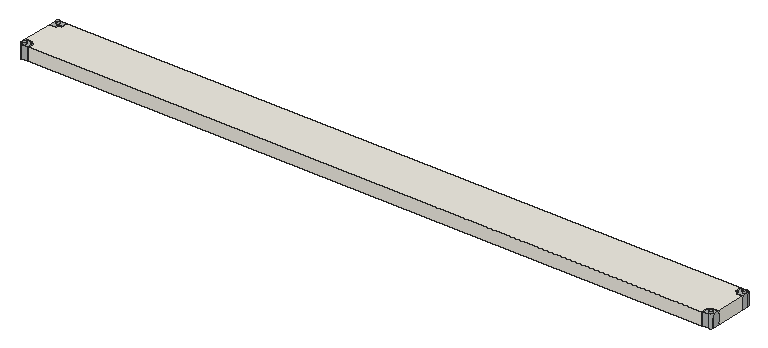
Revit family "HIGHTECH", category Осветительные приборы, Revit 2019 (continued)
Types (32, lengths in mm): name | Файл фотометрической сетки | built-in parameter 1150105 | Lumens | built-in parameter 1150106 | built-in parameter 1150142 | Wattage | Emit from Rectangle Width | Emit from Rectangle Length | Длина | Ширина | ADSK_Ток | ADSK_Полная мощность | ADSK_Обозначение | ADSK_Номинальная мощность | ADSK_Наименование | ADSK_Масса | ADSK_Код изделия
    098 0.098 0.098 0.098 0.098 0.098 0.098 0.000 0.000 0.000 0.000 \r\n1417.637 1417.044 1413.295 1407.474 1398.890 1388.135 1374.815 1358.437 1340.184 1319.661 1296.869 1271.808 1244.971 1216.258 1185.673 1153.507 1120.158 1085.131 \r\n1048.823 1011.329 973.046 933.284 893.127 851.884 810.741 768.314 725.888 683.165 639.752 596.240 552.728 509.019 465.902 422.686 379.371 337.044 295.505 254.757 215.388 176.909 \r\n138.232 103.698 70.942 40.157 12.136 0.592 0.592 0.592 0.493 0.493 0.493 0.493 0.493 0.493 0.493 0.395 0.395 0.395 0.395 0.395 0.395 0.395 0.395 0.296 0.296 0.296 0.296 0.296 0.296 0.296 0.296 0.197 \r\n0.197 0.197 0.197 0.197 0.197 0.197 0.197 0.098 0.098 0.098 0.098 0.098 0.098 0.098 0.098 0.000 0.000 0.000 0.000 \r\n1417.637 1416.946 1413.197 1407.376 1398.693 1387.839 1374.520 1358.042 1339.789 1319.168 1296.376 1271.315 1244.477 1215.765 1185.179 1152.915 1119.566 1084.539 \r\n1048.230 1010.638 972.356 932.594 892.436 851.194 810.050 767.623 725.197 682.474 639.160 595.649 552.038 508.427 465.310 422.094 378.878 336.550 295.111 254.362 214.895 176.514 \r\n137.935 103.403 70.744 39.960 11.939 0.592 0.592 0.592 0.493 0.493 0.493 0.493 0.493 0.493 0.493 0.395 0.395 0.395 0.395 0.395 0.395 0.395 0.395 0.296 0.296 0.296 0.296 0.296 0.296 0.296 0.296 0.197 \r\n0.197 0.197 0.197 0.197 0.197 0.197 0.197 0.098 0.098 0.098 0.098 0.098 0.098 0.098 0.098 0.000 0.000 0.000 0.000 \r\n1417.637 1416.946 1413.098 1407.178 1398.495 1387.544 1374.223 1357.747 1339.395 1318.773 1295.882 1270.822 1243.886 1215.174 1184.587 1152.323 1118.974 1083.848 \r\n1047.540 1009.947 971.665 931.903 891.746 850.503 809.359 766.933 724.507 681.784 638.470 594.958 551.445 507.836 464.718 421.502 378.287 336.057 294.617 253.967 214.500 176.119 \r\n137.640 103.106 70.447 39.762 11.741 0.592 0.592 0.592 0.493 0.493 0.493 0.493 0.493 0.493 0.493 0.395 0.395 0.395 0.395 0.395 0.395 0.395 0.395 0.296 0.296 0.296 0.296 0.296 0.296 0.296 0.296 0.197 \r\n0.197 0.197 0.197 0.197 0.197 0.197 0.197 0.098 0.098 0.098 0.098 0.098 0.098 0.098 0.098 0.000 0.000 0.000 0.000 \r\n1417.637 1416.848 1412.999 1407.079 1398.298 1387.247 1373.829 1357.352 1339.000 1318.378 1295.488 1270.327 1243.392 1214.680 1183.995 1151.731 1118.283 1083.257 \r\n1046.849 1009.257 970.975 931.113 891.055 849.813 808.668 766.242 723.914 681.093 637.779 594.266 550.755 507.145 464.126 421.009 377.793 335.564 294.222 253.474 214.105 175.823 \r\n137.343 102.810 70.250 39.467 11.445 0.592 0.592 0.592 0.493 0.493 0.493 0.493 0.493 0.493 0.493 0.395 0.395 0.395 0.395 0.395 0.395 0.395 0.395 0.296 0.296 0.296 0.296 0.296 0.296 0.296 0.296 0.197 \r\n0.197 0.197 0.197 0.197 0.197 0.197 0.197 0.098 0.098 0.098 0.098 0.098 0.098 0.098 0.098 0.000 0.000 0.000 0.000 \r\n1417.637 1416.848 1412.901 1406.882 1398.002 1387.051 1373.533 1356.957 1338.605 1317.983 1294.994 1269.834 1242.899 1214.089 1183.403 1151.041 1117.692 1082.665 \r\n1046.257 1008.566 970.284 930.423 890.266 849.121 807.978 765.552 723.224 680.403 637.187 593.675 550.163 506.553 463.534 420.416 377.300 335.071 293.729 253.079 213.712 175.429 \r\n136.949 102.515 69.954 39.269 11.248 0.592 0.592 0.592 0.493 0.493 0.493 0.493 0.493 0.493 0.493 0.395 0.395 0.395 0.395 0.395 0.395 0.395 0.395 0.296 0.296 0.296 0.296 0.296 0.296 0.296 0.296 0.197 \r\n0.197 0.197 0.197 0.197 0.197 0.197 0.197 0.098 0.098 0.098 0.098 0.098 0.098 0.098 0.098 0.000 0.000 0.000 0.000 \r\n1417.637 1416.749 1412.802 1406.684 1397.805 1386.754 1373.237 1356.661 1338.210 1317.589 1294.599 1269.341 1242.406 1213.496 1182.811 1150.448 1117.099 1081.974 \r\n1045.566 1007.974 969.593 929.732 889.575 848.333 807.287 764.861 722.533 679.712 636.496 592.985 549.472 505.960 462.942 419.825 376.707 334.577 293.236 252.684 213.317 175.034 \r\n136.652 102.218 69.659 39.072 11.051 0.592 0.592 0.592 0.493 0.493 0.493 0.493 0.493 0.493 0.493 0.395 0.395 0.395 0.395 0.395 0.395 0.395 0.395 0.296 0.296 0.296 0.296 0.296 0.296 0.296 0.296 0.197 \r\n0.197 0.197 0.197 0.197 0.197 0.197 0.197 0.098 0.098 0.098 0.098 0.098 0.098 0.098 0.098 0.000 0.000 0.000 0.000 \r\n1417.637 1416.749 1412.704 1406.586 1397.607 1386.458 1372.941 1356.266 1337.815 1317.095 1294.106 1268.848 1241.813 1213.003 1182.219 1149.856 1116.409 1081.382 \r\n1044.876 1007.283 968.902 929.042 888.885 847.642 806.597 764.170 721.843 679.120 635.806 592.293 548.881 505.368 462.351 419.332 376.214 334.084 292.841 252.191 212.922 174.738 \r\n136.357 101.922 69.461 38.776 10.853 0.592 0.592 0.592 0.493 0.493 0.493 0.493 0.493 0.493 0.493 0.395 0.395 0.395 0.395 0.395 0.395 0.395 0.395 0.296 0.296 0.296 0.296 0.296 0.296 0.296 0.296 0.197 \r\n0.197 0.197 0.197 0.197 0.197 0.197 0.197 0.098 0.098 0.098 0.098 0.098 0.098 0.098 0.098 0.000 0.000 0.000 0.000 \r\n1417.637 1416.650 1412.604 1406.389 1397.311 1386.162 1372.546 1355.871 1337.421 1316.701 1293.613 1268.355 1241.320 1212.411 1181.627 1149.265 1115.816 1080.691 \r\n1044.284 1006.593 968.212 928.351 888.194 846.951 805.906 763.479 721.151 678.429 635.213 591.702 548.190 504.777 461.758 418.740 375.721 333.591 292.348 251.796 212.527 174.343 \r\n135.962 101.627 69.165 38.579 10.557 0.592 0.592 0.592 0.493 0.493 0.493 0.493 0.493 0.493 0.493 0.395 0.395 0.395 0.395 0.395 0.395 0.395 0.395 0.296 0.296 0.296 0.296 0.296 0.296 0.296 0.296 0.197 \r\n0.197 0.197 0.197 0.197 0.197 0.197 0.197 0.098 0.098 0.098 0.098 0.098 0.098 0.098 0.098 0.000 0.000 0.000 0.000 \r\n1417.637 1416.650 1412.506 1406.191 1397.114 1385.866 1372.250 1355.576 1337.027 1316.307 1293.218 1267.861 1240.827 1211.918 1181.035 1148.672 1115.225 1080.099 \r\n1043.593 1005.902 967.620 927.660 887.503 846.260 805.215 762.789 720.461 677.739 634.523 591.011 547.598 504.086 461.166 418.247 375.129 333.098 291.855 251.401 212.132 173.948 \r\n135.666 101.429 68.968 38.381 10.360 0.592 0.592 0.592 0.493 0.493 0.493 0.493 0.493 0.493 0.493 0.493 0.395 0.395 0.395 0.395 0.395 0.395 0.395 0.296 0.296 0.296 0.296 0.296 0.296 0.296 0.296 0.197 \r\n0.197 0.197 0.197 0.197 0.197 0.197 0.197 0.098 0.098 0.098 0.098 0.098 0.098 0.098 0.098 0.000 0.000 0.000 0.000 \r\n1417.637 1416.650 1412.407 1406.093 1396.917 1385.669 1371.954 1355.181 1336.632 1315.912 1292.725 1267.368 1240.334 1211.325 1180.443 1147.982 1114.633 1079.409 \r\n1042.903 1005.212 966.929 926.969 886.812 845.569 804.524 762.098 719.770 677.048 633.832 590.320 546.907 503.494 460.574 417.654 374.636 332.603 291.460 250.908 211.738 173.653 \r\n135.371 101.133 68.671 38.086 10.163 0.592 0.592 0.592 0.493 0.493 0.493 0.493 0.493 0.493 0.493 0.493 0.395 0.395 0.395 0.395 0.395 0.395 0.395 0.296 0.296 0.296 0.296 0.296 0.296 0.296 0.296 0.197 \r\n0.197 0.197 0.197 0.197 0.197 0.197 0.197 0.098 0.098 0.098 0.098 0.098 0.098 0.098 0.098 0.000 0.000 0.000 0.000 \r\n1417.637 1416.551 1412.309 1405.895 1396.621 1385.373 1371.559 1354.786 1336.237 1315.419 1292.232 1266.875 1239.742 1210.733 1179.851 1147.390 1113.942 1078.816 \r\n1042.310 1004.521 966.238 926.279 886.121 844.879 803.834 761.408 719.080 676.357 633.240 589.728 546.315 502.902 459.982 417.062 374.043 332.110 290.967 250.513 211.343 173.258 \r\n135.074 100.837 68.376 37.888 9.965 0.592 0.592 0.592 0.493 0.493 0.493 0.493 0.493 0.493 0.493 0.493 0.395 0.395 0.395 0.395 0.395 0.395 0.395 0.296 0.296 0.296 0.296 0.296 0.296 0.296 0.296 0.197 \r\n0.197 0.197 0.197 0.197 0.197 0.197 0.197 0.098 0.098 0.098 0.098 0.098 0.098 0.098 0.098 0.000 0.000 0.000 0.000 \r\n1417.637 1416.551 1412.111 1405.796 1396.423 1385.077 1371.264 1354.391 1335.842 1315.024 1291.837 1266.382 1239.248 1210.240 1179.259 1146.798 1113.350 1078.126 \r\n1041.620 1003.831 965.548 925.588 885.431 844.090 803.143 760.717 718.389 675.666 632.549 589.038 545.723 502.310 459.390 416.569 373.550 331.617 290.474 250.119 210.948 172.863 \r\n134.679 100.541 68.178 37.591 9.669 0.592 0.592 0.592 0.493 0.493 0.493 0.493 0.493 0.493 0.493 0.493 0.395 0.395 0.395 0.395 0.395 0.395 0.395 0.296 0.296 0.296 0.296 0.296 0.296 0.296 0.296 0.197 \r\n0.197 0.197 0.197 0.197 0.197 0.197 0.197 0.098 0.098 0.098 0.098 0.098 0.098 0.098 0.098 0.000 0.000 0.000 0.000 \r\n1417.637 1416.453 1412.013 1405.600 1396.226 1384.781 1370.968 1354.095 1335.448 1314.629 1291.344 1265.888 1238.754 1209.648 1178.667 1146.206 1112.758 1077.534 \r\n1040.929 1003.140 964.857 924.898 884.740 843.400 802.453 760.026 717.698 674.976 631.859 588.446 545.032 501.718 458.798 415.977 373.057 331.124 290.079 249.625 210.553 172.567 \r\n134.383 100.245 67.883 37.394 9.472 0.592 0.592 0.592 0.493 0.493 0.493 0.493 0.493 0.493 0.493 0.493 0.395 0.395 0.395 0.395 0.395 0.395 0.395 0.296 0.296 0.296 0.296 0.296 0.296 0.296 0.296 0.197 \r\n0.197 0.197 0.197 0.197 0.197 0.197 0.197 0.098 0.098 0.098 0.098 0.098 0.098 0.098 0.098 0.000 0.000 0.000 0.000 \r\n1417.637 1416.453 1411.914 1405.402 1395.930 1384.583 1370.671 1353.701 1335.053 1314.234 1290.850 1265.395 1238.261 1209.155 1178.075 1145.515 1112.067 1076.844 \r\n1040.239 1002.548 964.167 924.207 883.951 842.708 801.762 759.336 717.008 674.383 631.267 587.755 544.441 501.126 458.206 415.385 372.465 330.631 289.585 249.231 210.160 172.172 \r\n134.088 99.949 67.685 37.198 9.275 0.592 0.592 0.592 0.493 0.493 0.493 0.493 0.493 0.493 0.493 0.493 0.395 0.395 0.395 0.395 0.395 0.395 0.395 0.296 0.296 0.296 0.296 0.296 0.296 0.296 0.296 0.197 \r\n0.197 0.197 0.197 0.197 0.197 0.197 0.197 0.098 0.098 0.098 0.098 0.098 0.098 0.098 0.098 0.000 0.000 0.000 0.000 \r\n1417.637 1416.354 1411.816 1405.303 1395.733 1384.288 1370.276 1353.307 1334.658 1313.741 1290.456 1264.901 1237.669 1208.563 1177.582 1144.923 1111.476 1076.252 \r\n1039.646 1001.857 963.476 923.417 883.260 842.018 801.072 758.644 716.317 673.693 630.576 587.064 543.749 500.435 457.614 414.891 371.972 330.137 289.191 248.836 209.765 171.778 \r\n133.693 99.653 67.389 36.901 9.077 0.592 0.592 0.592 0.493 0.493 0.493 0.493 0.493 0.493 0.493 0.493 0.395 0.395 0.395 0.395 0.395 0.395 0.395 0.296 0.296 0.296 0.296 0.296 0.296 0.296 0.296 0.197 \r\n0.197 0.197 0.197 0.197 0.197 0.197 0.197 0.098 0.098 0.098 0.098 0.098 0.098 0.098 0.098 0.000 0.000 0.000 0.000 \r\n" | 25.582 W | 255 | 1155 | 1195 | 295 | 0.179584 A | 41.3043 VA | "Hightech-38/opal-sand 295х1195 (IP40, 4000К, белый)" | 38 W | "Универсальный светодиодный светильник Hightech-38/opal-sand 295х1195 (IP40, 4000К, белый) c БАП на 3 час" | 2.5 | "ЦБ000008592"
